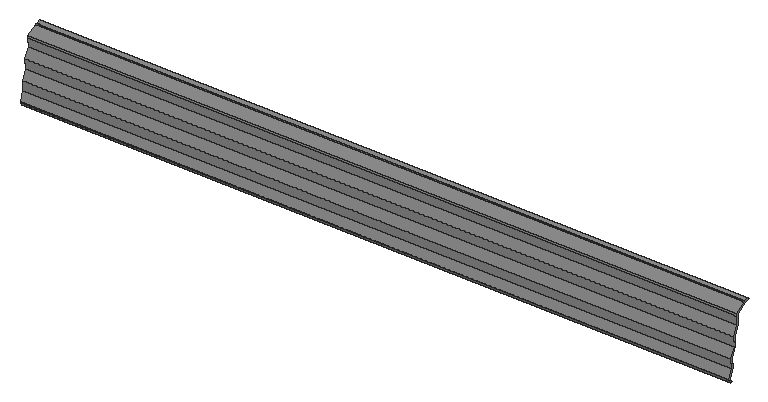
Revit family "Nedsale_onderpanprofiel_Line Based_2015", category Generic Models, Revit 2015
Parameters
  gootlengte [instance] = [built-in parameter 1001306]  # 1540 mm
  URL = "www.w3d-tekenbureau.nl"
  Model = ""
  Manufacturer = "Nedsale BV"
  built-in parameter 1001306 [instance] = 1540 mm
  Hoek [instance] = 10.00°
  Description = "Onderpanprofiel"
  Default Elevation = 0 mm
Reference planes
  plane 1 "Center (Front/Back)": y = 0
  plane 2: z = 0
  plane 3 "Left": x = 0
  plane 4 "Right": x = 1540
Forms (mm)
  Extrusion 1, solid, not visible
    sketch origin (0, 15.302, 12.317) x (0, 0.997647, -0.068558) y (0, 0.068558, 0.997647)
      loop
        line (-35.324, -30.696) -> (-30.181, -50.55) -> (-35.427, -70.6) -> (-30.316, -90.498) -> (-35.395, -110.658) -> (-30.321, -130.483) -> (-35.303, -150.376) -> (-28.423, -156.373) -> (-27.005, -154.955) -> (-33.066, -149.673) -> (-28.258, -130.478) -> (-33.331, -110.654) -> (-28.252, -90.494) -> (-33.361, -70.604) -> (-28.114, -50.553) -> (-33.095, -31.326) -> (-14.422, -13.337) -> (-6.446, -8.684) -> (-7.453, -6.956) -> (-14.416, -11.018) -> (-15.637, -11.73) -> (-35.324, -30.696)
    from 0 to 1200
  Extrusion 2, solid, not visible
    sketch origin (0, 16.318, 10.936) x (0, 0.987876, -0.155248) y (0, 0.155248, 0.987876)
      loop
        line (-35.324, -30.696) -> (-30.181, -50.55) -> (-35.427, -70.6) -> (-30.316, -90.498) -> (-35.395, -110.658) -> (-30.321, -130.483) -> (-35.303, -150.376) -> (-28.423, -156.373) -> (-27.005, -154.955) -> (-33.066, -149.673) -> (-28.258, -130.478) -> (-33.331, -110.654) -> (-28.252, -90.494) -> (-33.361, -70.604) -> (-28.114, -50.553) -> (-33.095, -31.326) -> (-14.422, -13.337) -> (-6.446, -8.684) -> (-7.453, -6.956) -> (-14.416, -11.018) -> (-15.637, -11.73) -> (-35.324, -30.696)
    from 0 to 1200
Lines and regions (mm)
  reference lines
    curve 1: line (0, 0, 0) -> (1540, 0, 0)
    curve 2: line (0, 0, 0) -> (0, -13.024, -73.861)
Dimensions and locks
  "built-in parameter 1001306": plane 3 "Left" to plane 4 "Right"
  curve 2 to curve 2 = 75 mm
  "Hoek": angle plane 1 "Center (Front/Back)" to curve 2
  aligned and locked: plane 4 "Right" to curve 1
  aligned and locked: plane 1 "Center (Front/Back)" to curve 1  (x2)
  aligned and locked: plane 3 "Left" to curve 1
  aligned and locked: level to plane 2
  aligned and locked: plane 2 to curve 2
  aligned and locked: plane 1 "Center (Front/Back)" to curve 2
Automatic sketch dimensions
  Extrusion 1 sketch curve to Extrusion 1 sketch curve = 1.215 mm
  Extrusion 1 sketch curve to Extrusion 1 sketch curve = 12.583 mm
  Extrusion 1 sketch curve to Extrusion 1 sketch curve = 13.692 mm
  Extrusion 1 sketch curve to Extrusion 1 sketch curve = 0.138 mm
  Extrusion 1 sketch curve to Extrusion 1 sketch curve = 1.253 mm
  Extrusion 1 sketch curve to Extrusion 1 sketch curve = 1.418 mm  (x2)
  Extrusion 1 sketch curve to Extrusion 1 sketch curve = 2.067 mm
  Extrusion 1 sketch curve to Extrusion 1 sketch curve = 2.064 mm
  Extrusion 1 sketch curve to Extrusion 1 sketch curve = 2.063 mm  (x2)
  Extrusion 1 sketch curve to Extrusion 1 sketch curve = 6.06 mm
  Extrusion 1 sketch curve to Extrusion 1 sketch curve = 2.914 mm
  Extrusion 1 sketch curve to Extrusion 1 sketch curve = 3.01 mm
  Extrusion 1 sketch curve to Extrusion 1 sketch curve = 3.045 mm
  Extrusion 1 sketch curve to Extrusion 1 sketch curve = 2.238 mm
  Extrusion 1 sketch curve to Extrusion 1 sketch curve = 2.229 mm
  Extrusion 1 sketch curve to Extrusion 1 sketch curve = 2.066 mm
  Extrusion 1 sketch curve to Extrusion 1 sketch curve = 1.22 mm
  Extrusion 1 sketch curve to Extrusion 1 sketch curve = 6.963 mm
  Extrusion 1 sketch curve to Extrusion 1 sketch curve = 1.008 mm
  Extrusion 1 sketch curve to Extrusion 1 sketch curve = 17.359 mm
  Extrusion 1 sketch curve to Extrusion 1 sketch curve = 0.63 mm
  Extrusion 1 sketch curve to Extrusion 1 sketch curve = 19.225 mm
  Extrusion 1 sketch curve to Extrusion 1 sketch curve = 0.003 mm
  Extrusion 1 sketch curve to Extrusion 1 sketch curve = 20.049 mm
  Extrusion 1 sketch curve to Extrusion 1 sketch curve = 0.005 mm  (x3)
  Extrusion 1 sketch curve to Extrusion 1 sketch curve = 19.889 mm
  Extrusion 1 sketch curve to Extrusion 1 sketch curve = 20.156 mm
  Extrusion 1 sketch curve to Extrusion 1 sketch curve = 0.004 mm
  Extrusion 1 sketch curve to Extrusion 1 sketch curve = 19.824 mm
  Extrusion 1 sketch curve to Extrusion 1 sketch curve = 19.19 mm
  Extrusion 1 sketch curve to Extrusion 1 sketch curve = 0.703 mm
  Extrusion 1 sketch curve to Extrusion 1 sketch curve = 5.282 mm
  Extrusion 1 sketch curve to Extrusion 1 sketch curve = 1.607 mm
  Extrusion 1 sketch curve to Extrusion 1 sketch curve = 0.712 mm
  Extrusion 2 sketch curve to Extrusion 2 sketch curve = 1.215 mm
  Extrusion 2 sketch curve to Extrusion 2 sketch curve = 12.583 mm
  Extrusion 2 sketch curve to Extrusion 2 sketch curve = 13.692 mm
  Extrusion 2 sketch curve to Extrusion 2 sketch curve = 0.138 mm
  Extrusion 2 sketch curve to Extrusion 2 sketch curve = 1.253 mm
  Extrusion 2 sketch curve to Extrusion 2 sketch curve = 1.418 mm  (x2)
  Extrusion 2 sketch curve to Extrusion 2 sketch curve = 2.067 mm
  Extrusion 2 sketch curve to Extrusion 2 sketch curve = 2.064 mm
  Extrusion 2 sketch curve to Extrusion 2 sketch curve = 2.063 mm  (x2)
  Extrusion 2 sketch curve to Extrusion 2 sketch curve = 6.06 mm
  Extrusion 2 sketch curve to Extrusion 2 sketch curve = 2.914 mm
  Extrusion 2 sketch curve to Extrusion 2 sketch curve = 3.01 mm
  Extrusion 2 sketch curve to Extrusion 2 sketch curve = 3.045 mm
  Extrusion 2 sketch curve to Extrusion 2 sketch curve = 2.238 mm
  Extrusion 2 sketch curve to Extrusion 2 sketch curve = 2.229 mm
  Extrusion 2 sketch curve to Extrusion 2 sketch curve = 2.066 mm
  Extrusion 2 sketch curve to Extrusion 2 sketch curve = 1.22 mm
  Extrusion 2 sketch curve to Extrusion 2 sketch curve = 6.963 mm
  Extrusion 2 sketch curve to Extrusion 2 sketch curve = 1.008 mm
  Extrusion 2 sketch curve to Extrusion 2 sketch curve = 17.359 mm
  Extrusion 2 sketch curve to Extrusion 2 sketch curve = 0.63 mm
  Extrusion 2 sketch curve to Extrusion 2 sketch curve = 19.225 mm
  Extrusion 2 sketch curve to Extrusion 2 sketch curve = 0.003 mm
  Extrusion 2 sketch curve to Extrusion 2 sketch curve = 20.049 mm
  Extrusion 2 sketch curve to Extrusion 2 sketch curve = 0.005 mm  (x3)
  Extrusion 2 sketch curve to Extrusion 2 sketch curve = 19.889 mm
  Extrusion 2 sketch curve to Extrusion 2 sketch curve = 20.156 mm
  Extrusion 2 sketch curve to Extrusion 2 sketch curve = 0.004 mm
  Extrusion 2 sketch curve to Extrusion 2 sketch curve = 19.824 mm
  Extrusion 2 sketch curve to Extrusion 2 sketch curve = 19.19 mm
  Extrusion 2 sketch curve to Extrusion 2 sketch curve = 0.703 mm
  Extrusion 2 sketch curve to Extrusion 2 sketch curve = 5.282 mm
  Extrusion 2 sketch curve to Extrusion 2 sketch curve = 1.607 mm
  Extrusion 2 sketch curve to Extrusion 2 sketch curve = 0.712 mm
Nested families
  nested 1: "Nedsale_onderpanprofiel_Generic Model_2015" at (0, 0.316, -0.417) x (0, -0.9848, 0.1736) z (1, 0, 0), lengte <- "built-in parameter 1001306", type "Nedsale_onderpanprofiel_Generic Model_2015"
    with lengte 1540 mm
Definition of nested family "Nedsale_onderpanprofiel_Generic Model_2015"
  Parameters (values of type "Nedsale_onderpanprofiel_Generic Model_2015")
    lengte [instance] = 1460 mm
    Default Elevation = 1219.2 mm
  Reference planes
    plane 1 "Center (Front/Back)": y = 0
    plane 2: z = 0
    plane 3 "Center (Left/Right)": x = 0
    plane 4: z = 1460
  Forms (mm)
    Extrusion 1, solid, not visible
      sketch origin (16.066, 0, 14.15) x (1, 0, 0) y (0, 0, 1)
        loop
          line (-37.407, -148.881) -> (-30.423, -154.968) -> (-29.005, -153.551) -> (-35.169, -148.178) -> (-30.362, -128.983) -> (-35.435, -109.159) -> (-30.355, -88.999) -> (-35.464, -69.11) -> (-30.218, -49.058) -> (-35.198, -29.831) -> (-17.062, -12.359) -> (-8.518, -7.171) -> (-9.557, -5.462) -> (-18.29, -10.765) -> (-37.427, -29.201) -> (-32.284, -49.056) -> (-37.53, -69.105) -> (-32.419, -89.004) -> (-37.498, -109.163) -> (-32.425, -128.989) -> (-37.407, -148.881)
      from 0 to 980
    Extrusion 2, solid
      sketch origin (-31.269, -42.649, 0) x (1, 0, 0) y (0, 1, 0)
        loop
          line (52.094, -94.865) -> (52.562, -93.326) -> (47.813, -74.362) -> (52.886, -54.537) -> (47.807, -34.377) -> (52.918, -14.478) -> (47.672, 5.571) -> (52.212, 23.097)
          spline (52.212, 23.097) -> (52.261, 23.315) -> (52.302, 23.569) -> (52.333, 23.852) -> (52.352, 24.156) -> (52.355, 24.473) -> (52.341, 24.798) -> (52.306, 25.121) -> (52.249, 25.436) -> (52.165, 25.736) -> (52.053, 26.012) -> (51.911, 26.259) -> (51.734, 26.467)
          line (51.734, 26.467) -> (33.678, 43.862)
          spline (33.678, 43.862) -> (33.698, 43.967) -> (33.647, 44.097) -> (33.537, 44.245) -> (33.379, 44.403) -> (33.187, 44.563) -> (32.973, 44.718) -> (32.749, 44.86) -> (32.527, 44.981) -> (32.32, 45.074) -> (32.139, 45.13) -> (31.998, 45.142) -> (31.908, 45.103)
          line (31.908, 45.103) -> (24.945, 49.165) -> (23.844, 47.635) -> (31.111, 43.203)
          spline (31.111, 43.203) -> (31.185, 43.251) -> (31.282, 43.263) -> (31.397, 43.243) -> (31.522, 43.197) -> (31.65, 43.129) -> (31.775, 43.043) -> (31.89, 42.944) -> (31.989, 42.837) -> (32.064, 42.725) -> (32.109, 42.615) -> (32.117, 42.509) -> (32.081, 42.414)
          line (32.081, 42.414) -> (49.347, 25.558)
          spline (49.347, 25.558) -> (49.477, 25.412) -> (49.587, 25.25) -> (49.677, 25.075) -> (49.747, 24.89) -> (49.8, 24.696) -> (49.836, 24.497) -> (49.857, 24.294) -> (49.863, 24.089) -> (49.855, 23.886) -> (49.835, 23.686) -> (49.803, 23.492) -> (49.761, 23.306)
          line (49.761, 23.306) -> (45.061, 5.05) -> (50.281, -14.9) -> (45.195, -34.701) -> (50.249, -54.762) -> (45.2, -74.49) -> (49.886, -92.692)
          spline (49.886, -92.692) -> (49.922, -92.829) -> (49.957, -92.963) -> (49.988, -93.093) -> (50.012, -93.222) -> (50.027, -93.349) -> (50.029, -93.475) -> (50.016, -93.601) -> (49.985, -93.728) -> (49.933, -93.856) -> (49.858, -93.987) -> (49.756, -94.12) -> (49.625, -94.258)
          line (49.625, -94.258) -> (44.293, -98.863) -> (45.811, -100.341) -> (52.094, -94.865)
      from 0 to 1460
  Dimensions and locks
    "lengte": plane 4 to plane 2
    aligned and locked: level to plane 2
    aligned and locked: plane 4 to Extrusion 2
  Automatic sketch dimensions
    Extrusion 2 sketch curve to plane 3 "Center (Left/Right)" = 7.425 mm
    Extrusion 2 sketch curve to Extrusion 2 sketch curve = 1.101 mm
    Extrusion 2 sketch curve to plane 3 "Center (Left/Right)" = 0.158 mm
    plane 3 "Center (Left/Right)" to Extrusion 2 sketch curve = 0.639 mm
    plane 1 "Center (Front/Back)" to Extrusion 2 sketch curve = 0.235 mm
    plane 3 "Center (Left/Right)" to Extrusion 2 sketch curve = 0.812 mm
    Extrusion 2 sketch curve to Extrusion 2 sketch curve = 1.597 mm
    plane 3 "Center (Left/Right)" to Extrusion 2 sketch curve = 13.024 mm
    plane 3 "Center (Left/Right)" to Extrusion 2 sketch curve = 13.792 mm
    plane 3 "Center (Left/Right)" to Extrusion 2 sketch curve = 13.926 mm
    plane 3 "Center (Left/Right)" to Extrusion 2 sketch curve = 13.932 mm
    Extrusion 2 sketch curve to Extrusion 2 sketch curve = 1.518 mm
    Extrusion 2 sketch curve to Extrusion 2 sketch curve = 2.612 mm  (x3)
    plane 3 "Center (Left/Right)" to Extrusion 2 sketch curve = 18.078 mm
    Extrusion 2 sketch curve to Extrusion 2 sketch curve = 5.332 mm
    Extrusion 2 sketch curve to Extrusion 2 sketch curve = 0.415 mm
    Extrusion 2 sketch curve to Extrusion 2 sketch curve = 0.26 mm
    plane 3 "Center (Left/Right)" to Extrusion 2 sketch curve = 18.98 mm
    plane 3 "Center (Left/Right)" to Extrusion 2 sketch curve = 19.012 mm
    Extrusion 2 sketch curve to Extrusion 2 sketch curve = 2.388 mm
    Extrusion 2 sketch curve to Extrusion 2 sketch curve = 2.469 mm
    Extrusion 2 sketch curve to Extrusion 2 sketch curve = 2.451 mm
    Extrusion 2 sketch curve to Extrusion 2 sketch curve = 0.468 mm
    Extrusion 2 sketch curve to Extrusion 2 sketch curve = 2.637 mm  (x2)
    plane 1 "Center (Front/Back)" to Extrusion 2 sketch curve = 16.182 mm
    Extrusion 2 sketch curve to Extrusion 2 sketch curve = 0.909 mm
    Extrusion 2 sketch curve to Extrusion 2 sketch curve = 2.252 mm
    Extrusion 2 sketch curve to Extrusion 2 sketch curve = 0.209 mm
    Extrusion 2 sketch curve to Extrusion 2 sketch curve = 17.735 mm
    Extrusion 2 sketch curve to Extrusion 2 sketch curve = 0.521 mm
    Extrusion 2 sketch curve to Extrusion 2 sketch curve = 20.049 mm
    Extrusion 2 sketch curve to Extrusion 2 sketch curve = 0.422 mm
    Extrusion 2 sketch curve to Extrusion 2 sketch curve = 19.477 mm
    Extrusion 2 sketch curve to Extrusion 2 sketch curve = 0.324 mm
    Extrusion 2 sketch curve to Extrusion 2 sketch curve = 20.159 mm
    Extrusion 2 sketch curve to Extrusion 2 sketch curve = 0.225 mm
    Extrusion 2 sketch curve to Extrusion 2 sketch curve = 19.6 mm
    Extrusion 2 sketch curve to Extrusion 2 sketch curve = 0.128 mm
    Extrusion 2 sketch curve to Extrusion 2 sketch curve = 18.33 mm
    Extrusion 2 sketch curve to Extrusion 2 sketch curve = 0.634 mm
    Extrusion 2 sketch curve to Extrusion 2 sketch curve = 1.566 mm
    Extrusion 2 sketch curve to Extrusion 2 sketch curve = 1.538 mm
    Extrusion 2 sketch curve to Extrusion 2 sketch curve = 4.606 mm
    Extrusion 2 sketch curve to Extrusion 2 sketch curve = 1.478 mm
    Extrusion 2 sketch curve to plane 1 "Center (Front/Back)" = 0.554 mm
    Extrusion 2 sketch curve to plane 1 "Center (Front/Back)" = 1.213 mm
    Extrusion 2 sketch curve to Extrusion 2 sketch curve = 1.9 mm
    Extrusion 2 sketch curve to plane 1 "Center (Front/Back)" = 4.986 mm
    Extrusion 2 sketch curve to Extrusion 2 sketch curve = 1.53 mm
    Extrusion 1 sketch curve to Extrusion 1 sketch curve = 0.032 mm
    Extrusion 1 sketch curve to Extrusion 1 sketch curve = 0.103 mm
    Extrusion 1 sketch curve to Extrusion 1 sketch curve = 0.092 mm
    Extrusion 1 sketch curve to Extrusion 1 sketch curve = 2.066 mm
    Extrusion 1 sketch curve to Extrusion 1 sketch curve = 2.063 mm  (x2)
    Extrusion 1 sketch curve to Extrusion 1 sketch curve = 2.229 mm
    Extrusion 1 sketch curve to Extrusion 1 sketch curve = 2.238 mm
    Extrusion 1 sketch curve to Extrusion 1 sketch curve = 2.744 mm
    Extrusion 1 sketch curve to Extrusion 1 sketch curve = 3.045 mm
    Extrusion 1 sketch curve to Extrusion 1 sketch curve = 2.914 mm
    Extrusion 1 sketch curve to Extrusion 1 sketch curve = 4.746 mm
    Extrusion 1 sketch curve to Extrusion 1 sketch curve = 2.064 mm
    Extrusion 1 sketch curve to Extrusion 1 sketch curve = 2.067 mm
    Extrusion 1 sketch curve to Extrusion 1 sketch curve = 1.418 mm  (x2)
    Extrusion 1 sketch curve to Extrusion 1 sketch curve = 16.908 mm
    Extrusion 1 sketch curve to Extrusion 1 sketch curve = 1.228 mm
    Extrusion 1 sketch curve to Extrusion 1 sketch curve = 7.505 mm
    Extrusion 1 sketch curve to Extrusion 1 sketch curve = 1.038 mm
    Extrusion 1 sketch curve to Extrusion 1 sketch curve = 6.087 mm
    Extrusion 1 sketch curve to Extrusion 1 sketch curve = 0.703 mm
    Extrusion 1 sketch curve to Extrusion 1 sketch curve = 19.19 mm
    Extrusion 1 sketch curve to Extrusion 1 sketch curve = 0.005 mm  (x3)
    Extrusion 1 sketch curve to Extrusion 1 sketch curve = 19.825 mm
    Extrusion 1 sketch curve to Extrusion 1 sketch curve = 0.004 mm
    Extrusion 1 sketch curve to Extrusion 1 sketch curve = 20.156 mm
    Extrusion 1 sketch curve to Extrusion 1 sketch curve = 19.894 mm
    Extrusion 1 sketch curve to Extrusion 1 sketch curve = 20.052 mm
    Extrusion 1 sketch curve to Extrusion 1 sketch curve = 0.003 mm
    Extrusion 1 sketch curve to Extrusion 1 sketch curve = 19.225 mm
    Extrusion 1 sketch curve to Extrusion 1 sketch curve = 0.63 mm
    Extrusion 1 sketch curve to Extrusion 1 sketch curve = 17.472 mm
    Extrusion 1 sketch curve to Extrusion 1 sketch curve = 1.594 mm
